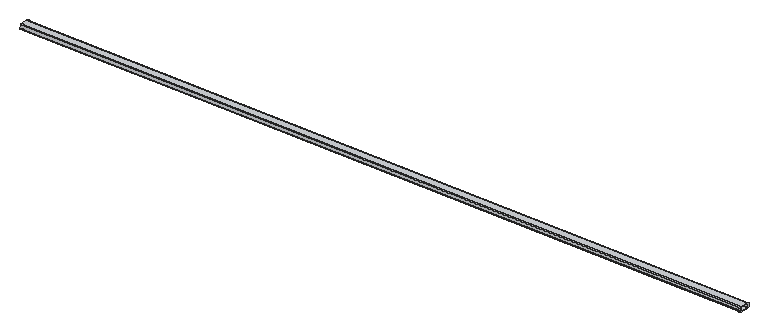
Revit family "33W1.5x.75 Web", category Structural Framing, Revit 2020
Family settings
  Section Shape = Not Defined
  Material for Model Behavior = Steel
  Always export as geometry = No
  OmniClass Number = 23.25.30.11.14.14
  OmniClass Title = Beams
  Always vertical = Yes
  Cut with Voids When Loaded = No
  Symbolic Representation = From Family
  Shared = No
  Show family pre-cut in plan views = Yes
Parameters
  Weight lbs per ft [instance] = 0.501
  URL = "https://www.trussteel.com/details_files/pdf/ts009.pdf"
  Total Member Weight lbs [instance] = Length / 1' 0" * Weight lbs per ft  # 5.01
  Structural Material = ASTM A500 Grade A Modified Fy 45 ksi
  Steel Design Thickness (in) [instance] = 0.035
  Model = "33W1.5x.75"
  Manufacturer = "TrusSteel"
  Length [instance] = 10' - 0"
  Fy (ksi) [instance] = 45
  Fu (ksi) [instance] = 55
  Description = "Tube Web"
  Cross Section Area (in2) [instance] = 0.1473
  Beam Width = 0' - 1 1/2"
  Beam Height = 0' - 0 3/4"
Reference planes (in)
  plane 1 "Center (Front/Back)": y = 0
  plane 2 "Center El.": z = 0
  plane 3 "Center (Left/Right)": x = 0
  plane 4 "Left": x = -60
  plane 5 "Right": x = 60
Forms (in)
  Extrusion 1, solid
    sketch origin (0, 0, 0) x (0, 1, 0) y (0, 0, 1)
      loop
        arc (-0.645, 0.375) -> (-0.71925, 0.34425) -> (-0.75, 0.27) r 0.105
        line (-0.75, 0.27) -> (-0.75, -0.27)
        arc (-0.75, -0.27) -> (-0.71925, -0.34425) -> (-0.645, -0.375) r 0.105
        line (-0.645, -0.375) -> (0.645, -0.375)
        arc (0.645, -0.375) -> (0.71925, -0.34425) -> (0.75, -0.27) r 0.105
        line (0.75, -0.27) -> (0.75, 0.27)
        arc (0.75, 0.27) -> (0.71925, 0.34425) -> (0.645, 0.375) r 0.105
        line (0.645, 0.375) -> (-0.645, 0.375)
      loop
        line (0.645, 0.34) -> (-0.645, 0.34)
        arc (-0.645, 0.34) -> (-0.6945, 0.3195) -> (-0.715, 0.27) r 0.07
        line (-0.715, 0.27) -> (-0.715, -0.27)
        arc (-0.715, -0.27) -> (-0.6945, -0.3195) -> (-0.645, -0.34) r 0.07
        line (-0.645, -0.34) -> (0.645, -0.34)
        arc (0.645, -0.34) -> (0.6945, -0.3195) -> (0.715, -0.27) r 0.07
        line (0.715, -0.27) -> (0.715, 0.27)
        arc (0.715, 0.27) -> (0.6945, 0.3195) -> (0.645, 0.34) r 0.07
    from -60 to 60
Dimensions and locks (in)
  equal spacing: plane 4 "Left", plane 3 "Center (Left/Right)", plane 5 "Right"
  "Length": plane 4 "Left" to plane 5 "Right"
  "Beam Width": Extrusion 1 to Extrusion 1
  "Beam Height": Extrusion 1 to Extrusion 1
  aligned and locked: level to plane 2 "Center El."
  aligned and locked: plane 4 "Left" to Extrusion 1
  aligned and locked: Extrusion 1 to plane 5 "Right"
Automatic sketch dimensions
  level to Extrusion 1 sketch curve = 0' - 0.27"
  Extrusion 1 sketch curve to plane 1 "Center (Front/Back)" = 0' - 0.645"
  plane 1 "Center (Front/Back)" to Extrusion 1 sketch curve = 0' - 0.645"
  Extrusion 1 sketch curve to Extrusion 1 sketch curve = 0' - 0"  (x8)
  Extrusion 1 sketch curve to Extrusion 1 sketch curve = 0' - 0.035"
  Extrusion 1 sketch curve to Extrusion 1 sketch curve = 0' - 0.07"  (x3)
  Extrusion 1 sketch curve to level = 0' - 0.27"
